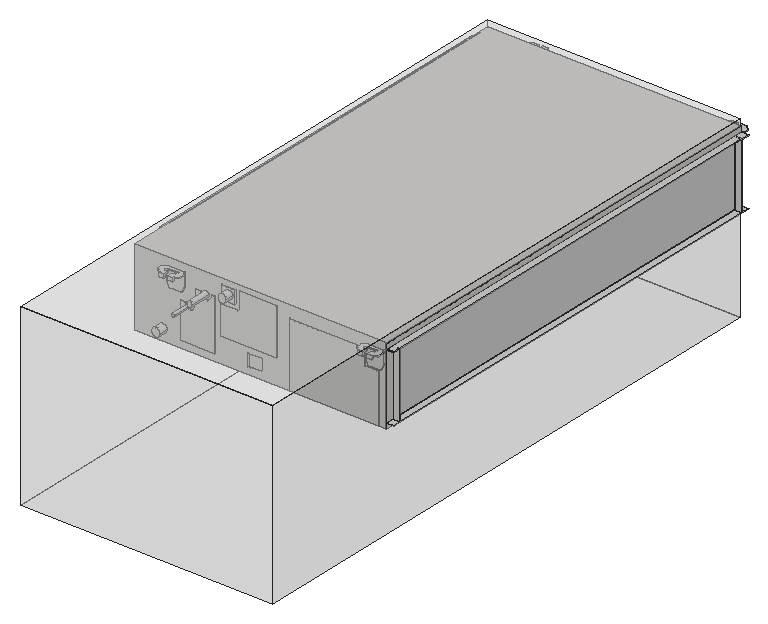
Revit family "outputfile", category 機械設備, Revit 2024
Family settings
  丸型コネクタ寸法 = 半径を使用
  パーツ タイプ = 標準
  OmniClass 番号 = 23.75.10.24.21.27.27
  OmniClass タイトル = Split System Air Conditioning Units
  作業面ベース = いいえ
  常に垂直 = はい
  ロード時にボイドで切り取り = いいえ
  注釈の向きを維持 = いいえ
  共有 = いいえ
  部屋計算ポイント = はい
Parameters (values of type "FXSA100AVM4")
  製造元 = "Daikin"
  書き出し IFC クラス(タイプ) = "IfcUnitaryEquipmentType"
  定義済み IFC タイプ(タイプ) = "AIRCONDITIONINGUNIT"
  モデル = "FXSA100AVM4"
  switch_frequency = yes
  r_Liquid Pipe Size = Liquid Pipe Size / 2  # 4.75 mm
  r_Gas Pipe Size = Gas Pipe Size / 2  # 7.95 mm
  r_Drain Pipe Size = Drain Pipe Size / 2  # 12.5 mm
  lw_power = 770.0 mm
  lh_SA = 138.0 mm
  lw_SA = if(Width = 550.0 mm, 225.0 mm, if(Width = 700.0 mm, 300.0 mm, if(Width = 1000.0 mm, 450.0 mm, if(Width = 1400.0 mm, 650.0 mm, 725.0 mm))))  # 650.0 mm
  lw_RA = if(Width = 550.0 mm, 275.0 mm, if(Width = 700.0 mm, 349.0 mm, if(Width = 1000.0 mm, 499.0 mm, if(Width = 1400.0 mm, 699.0 mm, 775.0 mm))))  # 699.0 mm
  lh_power = 60.0 mm + [h***]  # 60.0 mm
  lh_mountinghole1 = lh_mountinghole + [h***]  # 222.0 mm
  lh_RA = 123.0 mm
  ld_power = Width / 2  # 700.0 mm
  connector_voltage = Voltage_50Hz  # 220 V
  connector_powerinput = [Power Input (Cooling)]  # 0.151 kW
  connector_phase = Phase_50Hz  # 1
  Voltage_comment_60Hz = "220"
  Voltage_comment_50Hz = "220-240"
  Voltage_60Hz = 220 V
  Voltage_50Hz = 220 V
  Total Heating Capacity [instance] = 0.000 kW
  Supply Air Direction [instance] = yes
  Sound Power Level_H speed (dB) = 67
  Power Input (Heating) = 0.146 kW
  Phase_60Hz = 1
  Phase_50Hz = 1
  Nominal Heating Capacity = 12.500 kW
  Minimum External Static Pressure = 50.00 Pa
  Minimum Circuit Amps_60Hz = 2.5 A
  Minimum Circuit Amps_50Hz = 2.5 A
  Maximum Fuse Amps_60Hz = 16.0 A
  Maximum Fuse Amps_50Hz = 16.0 A
  Maximum External Static Pressure = 150.00 Pa
  Material_Casing = DAIKIN_GalvanizedSteel_Casing_indoorunit
  lw_mountinghole = 630.0 mm
  lh_gaspipe = 183.0 mm + [h***]  # 183.0 mm
  lh_mountinghole = 222.0 mm
  lh_liquidpipe = 136.0 mm + [h***]  # 136.0 mm
  lh_drainpipe = 207.0 mm + [h***]  # 207.0 mm
  lh_antena = Height - lh_mountinghole + 1.0 mm  # 24.0 mm
  ld_drainpipe = Width / 2 + 26.0 mm  # 726.0 mm
  ld_liquidpipe = 769.0 mm
  ld_gaspipe = Width / 2 + 65.0 mm  # 765.0 mm
  ld_mountinghole = Width + 38.0 mm  # 1438.0 mm
  h*** = 0.0 mm
  lw_liquidpipe = 179.0 mm
  lw_gaspipe = 229.0 mm
  lw_drainpipe = 300.0 mm
  Width = 1400.0 mm
  Version = "ver.1.0"
  Unit Type = "Duct_M.S.P."
  Unit Mass Weight = 46.00 kg
  Unit Designation [instance] = ""
  Uniclass2015Version = "Products v1.30"
  Uniclass2015Title = "Variable refrigerant flow units"
  Uniclass2015Code = "Pr_70_65_03_94"
  Total Cooling Capacity [instance] = 0.000 kW
  Sound Pressure Level_M speed (dBA) = 35
  Sound Pressure Level_L speed (dBA) = 32
  Sound Pressure Level_H speed (dBA) = 39
  Series = "VRV Fan Coil Unit"
  Sensible Cooling Capacity [instance] = 0.000 kW
  SA Duct Size Width = 1192.0 mm
  SA Duct Size Height = 176.0 mm
  Refrigerant Type = "R32"
  RA Duct Size Width = 1352.0 mm
  RA Duct Size Height = 208.0 mm
  Power Input (Cooling) = 0.151 kW
  Option Accessory 3 [instance] = ""
  Option Accessory 2 [instance] = ""
  Option Accessory 1 [instance] = ""
  Nominal Cooling Capacity = 11.200 kW
  Minimum Airflow = 1350.00 m³/h
  Median Airflow = 1620.00 m³/h
  Maximum Airflow = 1920.00 m³/h
  Load Classification = HVAC
  Liquid Pipe Size = 9.5 mm
  Link_Nested Family [instance] = ""
  IfcVersion = ""
  IfcExportType = "AIRCONDITIONINGUNIT"
  IfcExportAs = "IfcUnitaryEquipmentType"
  Height = 245.0 mm
  Heating Entering Wet Bulb Temperature [instance] = -273.15 °C
  Heating Entering Dry Bulb Temperature [instance] = -273.15 °C
  Heating Ambient Wet Bulb Temperature [instance] = -273.15 °C
  Heating Ambient Dry Bulb Temperature [instance] = -273.15 °C
  Heat Exchanger Type = "Cross Fin Coil"
  Gas Pipe Size = 15.9 mm
  Frequency_60Hz = 60 Hz
  Frequency_50Hz = 50 Hz
  Fan Type = "Sirocco Fan"
  Fan Drive = "Direct Drive"
  FCU Tag No. [instance] = ""
  Drain Pipe Size = 25.0 mm
  Design Supply Airflow [instance] = 0.00 m³/h
  Design Return Airflow [instance] = 0.00 m³/h
  Design External Static Pressure [instance] = 0.00 Pa
  Depth = 800.0 mm
  既定の高さ = 0.0 mm
  Cooling Entering Wet Bulb Temperature [instance] = 0.00 °C
  Cooling Entering Dry Bulb Temperature [instance] = 0.00 °C
  Cooling Ambient Wet Bulb Temperature [instance] = 0.00 °C
  Cooling Ambient Dry Bulb Temperature [instance] = 0.00 °C
  Clearance visibility [instance] = yes
  Clearance Top = 20.0 mm
  Clearance Right = 0.0 mm
  Clearance Rear = 0.0 mm
  Clearance Left = 0.0 mm
  Clearance Front = 450.0 mm
  Clearance Bottom = 300.0 mm
Reference planes
  plane 1 "Center (Front/Back)": y = 0
  plane 2 "h": z = 0
  plane 3 "Center (Left/Right)": x = 0
  plane 4 "Back": y = 700
  plane 5 "Front": y = -700
  plane 6 "Left": x = -400
  plane 7 "Right": x = 400
  plane 8 "Top": z = 0
  plane 9 "Bottom": z = -245
  plane 10: y = -215
  plane 11: y = 700
  plane 12: y = -1150
  plane 13: x = -400
  plane 14: x = 400
  plane 15: z = 20
  plane 16: z = -545
  plane 17: x = -400
  plane 18: x = -399
  plane 19: x = 399
  plane 20: y = 50
  plane 21: y = -1
  plane 22: z = -122
  plane 23: y = -701
  plane 24: z = -109
  plane 25: x = -221
  plane 26: y = -765
  plane 27: z = -62
  plane 28: x = -171
  plane 29: y = -726
  plane 30: z = -38
  plane 31: x = -100
  plane 32: x = -100
  plane 33: x = -221
  plane 34: x = -171
  plane 35: x = 370
  plane 36: x = -266
  plane 37: x = 364
  plane 38: y = -719
  plane 39: y = 719
  plane 40: z = -23
  plane 41: z = -107
  plane 42: y = -769
  plane 43: z = -207
  plane 44: x = -309
  plane 45: y = -376
  plane 46: x = -251
  plane 47: x = -203
  plane 48: x = -144
  plane 49: z = -59
  plane 50: z = -106
  plane 51: z = -221
  plane 52: z = -109
  plane 53: x = -221
  plane 54: z = -62
  plane 55: x = -171
  plane 56: z = -17
  plane 57: z = -59
  plane 58: x = -121
  plane 59: x = -79
  plane 60: x = -125
  plane 61: x = -64
  plane 62: x = 53
  plane 63: z = -164
  plane 64: z = -73
  plane 65: z = -16
  plane 66: x = 93.5
  plane 67: x = 374.5
  plane 68: x = 330
  plane 69: z = -88.5
  plane 70: z = -38
  plane 71: z = -242.5
  plane 72: x = -38.5
  plane 73: x = 6.5
  plane 74: z = -181
  plane 75: z = -221
  plane 76: y = -699
  plane 77: x = -424
  plane 78: x = 424
Forms (mm)
  Extrusion 1, solid, material "DAIKIN_GalvanizedSteel_Casing_indoorunit" <- "Material_Casing"
    sketch origin (0, 0, 0) x (1, 0, 0) y (0, 1, 0)
      loop
        line (-399, 700) -> (-399, -700) -> (399, -700) -> (399, 700) -> (-399, 700)
    from -245 to 0
  Extrusion 2, solid, material "DAIKIN_GalvanizedSteel_Casing_indoorunit" <- "Material_Casing"
    sketch origin (0, 0, 0) x (1, 0, 0) y (0, 0, 1)
      loop
        line (-251, -221) -> (-144, -221) -> (-144, -59) -> (-154.47, -59)
        arc (-154.47, -59) -> (-171, -78.8) -> (-187.53, -59) r 16.8
        line (-187.53, -59) -> (-203, -59) -> (-203, -106) -> (-206.916, -106)
        arc (-206.916, -106) -> (-221, -123.4) -> (-235.084, -106) r 14.4
        line (-235.084, -106) -> (-251, -106) -> (-251, -221)
    from 700 to 701
  Extrusion 3, solid, material "DAIKIN_GalvanizedSteel_Casing_indoorunit" <- "Material_Casing"
    sketch origin (0, 0, 0) x (1, 0, 0) y (0, 0, 1)
      loop
        line (-121, -17) -> (-121, -59) -> (-79, -59) -> (-79, -17) -> (-121, -17)
      loop
        line (-125, -73) -> (-125, -164) -> (53, -164) -> (53, -16) -> (-64, -16) -> (-64, -73) -> (-125, -73)
    from 700 to 701
  Extrusion 4, solid, material "DAIKIN_GalvanizedSteel_Casing_indoorunit" <- "Material_Casing"
    sketch origin (0, 0, 0) x (1, 0, 0) y (0, 0, 1)
      loop
        line (93.5, -38) -> (93.5, -242.5) -> (374.5, -242.5) -> (374.5, -88.5) -> (330, -88.5) -> (330, -38) -> (93.5, -38)
    from 700 to 701
  Extrusion 5, solid, material "DAIKIN_GalvanizedSteel_Casing_indoorunit" <- "Material_Casing"
    sketch origin (0, 0, 0) x (1, 0, 0) y (0, 0, 1)
      loop
        circle (-221, -109) r 4.75
    from 700 to 769
  Extrusion 6, solid, material "DAIKIN_GalvanizedSteel_Casing_indoorunit" <- "Material_Casing"
    sketch origin (0, 0, 0) x (1, 0, 0) y (0, 0, 1)
      loop
        circle (-171, -62) r 7.95
    from 700 to 765
  Extrusion 7, solid, material "DAIKIN_GalvanizedSteel_Casing_indoorunit" <- "Material_Casing"
    sketch origin (0, 0, 0) x (1, 0, 0) y (0, 0, 1)
      loop
        circle (-100, -38) r 12.5
    from 701 to 726
  Extrusion 8, solid, material "DAIKIN_GalvanizedSteel_Casing_indoorunit" <- "Material_Casing"
    sketch origin (0, 0, 0) x (1, 0, 0) y (0, 0, 1)
      loop
        circle (-309, -207) r 13
    from 700 to 726
  Extrusion 9, void
    sketch origin (0, 0, 0) x (1, 0, 0) y (0, 0, 1)
      loop
        line (-38.5, -181) -> (-38.5, -221) -> (6.5, -221) -> (6.5, -181) -> (-38.5, -181)
    from 699 to 700
Cuts and joins
  Extrusion 9 cuts Extrusion 1
Dimensions and locks
  "Height": plane 8 "Top" to plane 9 "Bottom"
  equal spacing: plane 4 "Back", plane 1 "Center (Front/Back)", plane 5 "Front"
  "Width": plane 4 "Back" to plane 5 "Front"
  equal spacing: plane 6 "Left", plane 3 "Center (Left/Right)", plane 7 "Right"
  "Depth": plane 6 "Left" to plane 7 "Right"
  "Clearance Left": plane 13 to plane 6 "Left"
  "Clearance Right": plane 7 "Right" to plane 14
  "Clearance Rear": plane 11 to plane 4 "Back"
  "Clearance Front": plane 5 "Front" to plane 12
  "Clearance Top": plane 15 to plane 8 "Top"
  "Clearance Bottom": plane 9 "Bottom" to plane 16
  locked: plane 17 to plane 18 at 1
  locked: plane 19 to plane 14 at 1
  "lw_SA": plane 11 to plane 20
  "lw_RA": plane 21 to plane 5 "Front"
  "lh_RA": plane 22 to plane 9 "Bottom"
  locked: plane 5 "Front" to plane 23 at 1
  "lw_liquidpipe": plane 25 to plane 6 "Left"
  "lh_liquidpipe": plane 24 to plane 9 "Bottom"
  "lh_gaspipe": plane 27 to plane 9 "Bottom"
  "lw_gaspipe": plane 28 to plane 6 "Left"
  "ld_gaspipe": plane 26 to plane 1 "Center (Front/Back)"
  "ld_drainpipe": plane 29 to plane 1 "Center (Front/Back)"
  "lh_drainpipe": plane 30 to plane 9 "Bottom"
  "lw_drainpipe": plane 31 to plane 6 "Left"
  "lw_drainpipe": plane 6 "Left" to plane 32
  "lw_liquidpipe": plane 6 "Left" to plane 33
  "lw_gaspipe": plane 6 "Left" to plane 34
  "lw_power": plane 6 "Left" to plane 35
  locked: plane 17 to plane 36 at 134
  "lw_mountinghole": plane 36 to plane 37
  equal spacing: plane 38, plane 1 "Center (Front/Back)", plane 39
  "ld_mountinghole": plane 39 to plane 38
  "lh_mountinghole": plane 40 to plane 9 "Bottom"
  "lh_SA": plane 41 to plane 9 "Bottom"
  locked: plane 44 to plane 6 "Left" at 91
  locked: plane 43 to plane 9 "Bottom" at 38
  plane 48 to plane 47 to plane 46 to plane 6 "Left" = 59.0 mm, 48.0 mm, 149.0 mm
  plane 8 "Top" to plane 49 to plane 50 to plane 51 = 59.0 mm locked, 47.0 mm locked, 115.0 mm locked
  plane 55 to plane 53 to plane 6 "Left" = 50.0 mm locked, 179.0 mm locked
  plane 54 to plane 52 to plane 9 "Bottom" = 47.0 mm locked, 136.0 mm locked
  plane 59 to plane 58 to plane 6 "Left" = 42.0 mm locked, 279.0 mm locked
  plane 8 "Top" to plane 56 to plane 57 = 17.0 mm locked, 42.0 mm locked
  plane 62 to plane 61 to plane 60 to plane 6 "Left" = 117.0 mm, 61.0 mm, 275.0 mm
  plane 8 "Top" to plane 65 to plane 64 = 16.0 mm locked, 57.0 mm locked
  locked: plane 65 to plane 63 at 148
  plane 8 "Top" to plane 70 to plane 69 to plane 71 = 38.0 mm locked, 50.5 mm locked, 154.0 mm locked
  plane 67 to plane 68 to plane 66 to plane 6 "Left" = 44.5 mm locked, 236.5 mm locked, 493.5 mm locked
  plane 8 "Top" to plane 74 to plane 75 = 181.0 mm locked, 40.0 mm locked
  plane 73 to plane 72 to plane 6 "Left" = 45.0 mm, 361.5 mm
  locked: plane 76 to plane 5 "Front" at 1
  locked: plane 77 to plane 17 at 24
  locked: plane 14 to plane 78 at 24
  "ld_liquidpipe": plane 42 to plane 1 "Center (Front/Back)"
  "r_Liquid Pipe Size": radius of Extrusion 5 sketch curve
  "r_Gas Pipe Size": radius of Extrusion 6 sketch curve
  "r_Drain Pipe Size": radius of Extrusion 7 sketch curve
  aligned and locked: level to plane 2 "h"
  aligned and locked: plane 8 "Top" to Extrusion 1
  aligned and locked: Extrusion 1 to plane 9 "Bottom"
  aligned and locked: nested 5 to plane 12
  aligned and locked: plane 13 to nested 5
  aligned and locked: plane 14 to nested 5
  aligned and locked: nested 5 to plane 13
  aligned and locked: plane 11 to nested 5
  aligned and locked: plane 15 to nested 5
  aligned and locked: plane 16 to nested 5
  aligned and locked: plane 5 "Front" to Extrusion 1 sketch curve
  aligned and locked: Extrusion 1 to plane 18
  aligned and locked: plane 19 to Extrusion 1
  aligned and locked: nested 7 to plane 18
  aligned and locked: nested 7 to plane 20
  aligned and locked: plane 19 to nested 8
  aligned and locked: plane 21 to nested 8
  aligned and locked: plane 22 to nested 8
  aligned and locked: Extrusion 2 to plane 23
  aligned and locked: plane 5 "Front" to Extrusion 2
  aligned and locked: Extrusion 3 to plane 23
  aligned and locked: plane 5 "Front" to Extrusion 3
  aligned and locked: plane 5 "Front" to Extrusion 4
  aligned and locked: Extrusion 5 sketch curve to plane 25
  aligned and locked: plane 24 to Extrusion 5 sketch curve
  aligned and locked: plane 5 "Front" to Extrusion 5
  aligned and locked: Extrusion 6 sketch curve to plane 28
  aligned and locked: plane 27 to Extrusion 6 sketch curve
  aligned and locked: plane 5 "Front" to Extrusion 6
  aligned and locked: Extrusion 7 sketch curve to plane 31
  aligned and locked: Extrusion 7 sketch curve to plane 30
  aligned and locked: Extrusion 7 to plane 29
  aligned and locked: plane 23 to Extrusion 7
  aligned and locked: nested 3 to plane 29
  aligned and locked: nested 3 to plane 32
  aligned and locked: nested 2 to plane 33
  aligned and locked: nested 1 to plane 34
  aligned and locked: Extrusion 6 to plane 26
  aligned and locked: nested 1 to plane 26
  aligned and locked: nested 6 to plane 5 "Front"
  aligned and locked: nested 6 to plane 35
  aligned and locked: plane 36 to nested 10
  aligned and locked: nested 10 to plane 5 "Front"
  aligned and locked: plane 37 to nested 9
  aligned and locked: nested 9 to plane 5 "Front"
  aligned and locked: nested 11 to plane 36
  aligned and locked: plane 4 "Back" to nested 11
  aligned and locked: nested 12 to plane 37
  aligned and locked: plane 4 "Back" to nested 12
  aligned and locked: plane 40 to nested 10
  aligned and locked: plane 40 to nested 11
  aligned and locked: plane 40 to nested 9
  aligned and locked: plane 40 to nested 12
  aligned and locked: plane 36 to nested 14
  aligned and locked: nested 14 to plane 39
  aligned and locked: plane 37 to nested 13
  aligned and locked: nested 13 to plane 39
  aligned and locked: plane 37 to nested 16
  aligned and locked: plane 38 to nested 16
  aligned and locked: plane 38 to nested 15
  aligned and locked: plane 36 to nested 15
  aligned and locked: plane 17 to plane 6 "Left"
  aligned and locked: plane 41 to nested 7
  aligned and locked: Extrusion 5 to plane 42
  aligned and locked: nested 2 to plane 42
  aligned and locked: Extrusion 8 sketch curve to plane 44
  aligned and locked: plane 43 to Extrusion 8 sketch curve
  aligned and locked: plane 5 "Front" to Extrusion 8
  aligned and locked: Extrusion 3 sketch curve to plane 56
  aligned and locked: Extrusion 3 sketch curve to plane 58
  aligned and locked: plane 57 to Extrusion 3 sketch curve
  aligned and locked: plane 59 to Extrusion 3 sketch curve
  aligned and locked: Extrusion 4 to plane 23
  aligned and locked: Extrusion 9 sketch curve to plane 74
  aligned and locked: plane 75 to Extrusion 9 sketch curve
  aligned and locked: plane 73 to Extrusion 9 sketch curve
  aligned and locked: plane 5 "Front" to Extrusion 9
  aligned and locked: plane 76 to Extrusion 9
  aligned and locked: nested 17 to plane 20
  aligned and locked: nested 17 to plane 77
  aligned and locked: plane 21 to nested 18
  aligned and locked: plane 78 to nested 18
  aligned and locked: plane 41 to nested 17
  aligned and locked: nested 18 to plane 22
  aligned and locked: nested 4 to plane 3 "Center (Left/Right)"
  aligned and locked: plane 1 "Center (Front/Back)" to nested 4
  aligned and locked: level to plane 8 "Top"
  aligned and locked: Extrusion 8 to plane 29
Automatic sketch dimensions
  plane 6 "Left" to Extrusion 1 sketch curve = 1.0 mm
  Extrusion 1 sketch curve to plane 7 "Right" = 1.0 mm
  Extrusion 1 sketch curve to plane 4 "Back" = 0.0 mm
  Extrusion 2 sketch curve to plane 46 = 0.0 mm
  Extrusion 2 sketch curve to plane 33 = 0.0 mm
  Extrusion 2 sketch curve to plane 47 = 0.0 mm
  Extrusion 2 sketch curve to plane 34 = 0.0 mm
  Extrusion 2 sketch curve to plane 48 = 0.0 mm
  Extrusion 2 sketch curve to plane 51 = 0.0 mm
  Extrusion 2 sketch curve to plane 52 = 0.0 mm
  Extrusion 2 sketch curve to plane 50 = 0.0 mm  (x3)
  Extrusion 2 sketch curve to plane 54 = 0.0 mm
  Extrusion 2 sketch curve to plane 49 = 0.0 mm  (x3)
  plane 33 to Extrusion 2 sketch curve = 14.084 mm
  plane 34 to Extrusion 2 sketch curve = 16.53 mm
  Extrusion 3 sketch curve to plane 60 = 0.0 mm
  Extrusion 3 sketch curve to plane 61 = 0.0 mm
  Extrusion 3 sketch curve to plane 62 = 0.0 mm
  Extrusion 3 sketch curve to plane 63 = 0.0 mm
  Extrusion 3 sketch curve to plane 64 = 0.0 mm
  Extrusion 3 sketch curve to plane 65 = 0.0 mm
  Extrusion 4 sketch curve to plane 66 = 0.0 mm
  Extrusion 4 sketch curve to plane 68 = 0.0 mm
  Extrusion 4 sketch curve to plane 67 = 0.0 mm
  Extrusion 4 sketch curve to plane 71 = 0.0 mm
  Extrusion 4 sketch curve to plane 69 = 0.0 mm
  Extrusion 4 sketch curve to plane 70 = 0.0 mm
  Extrusion 9 sketch curve to plane 72 = 0.0 mm
  radius of Extrusion 8 sketch curve = 13.0 mm
Nested families
  nested 1: "daikin_connector_rotate2" at (-171, 0, -62), length <- "ld_gaspipe", built-in parameter 1001364 <- "lh_gaspipe", radius <- "r_Gas Pipe Size", type "daikin_connector_rotate2"
    with radius 7.95 mm, length 765.0 mm, angle_vertical 90.00°
  nested 2: "daikin_connector_rotate2" at (-221, 0, -109), length <- "ld_liquidpipe", built-in parameter 1001364 <- "lh_liquidpipe", radius <- "r_Liquid Pipe Size", type "daikin_connector_rotate2"
    with radius 4.75 mm, length 769.0 mm, angle_vertical 90.00°
  nested 3: "daikin_connector_rotate2" at (-100, 0, -38), length <- "ld_drainpipe", built-in parameter 1001364 <- "lh_drainpipe", radius <- "r_Drain Pipe Size", type "daikin_connector_rotate2"
    with radius 12.5 mm, length 726.0 mm, angle_vertical 90.00°
  nested 4: "daikin_△_symbolicline" at (0, 0, 245) x (0, -1, 0) z (0, 0, 1), built-in parameter 1001364 <- "Height", visible <- "Supply Air Direction", type "daikin_△_symbolicline"
    with length 200.0 mm
  nested 5: "daikin_clearancespace" at (0, -225, -262.381), visible <- "Clearance visibility", show <- "Clearance visibility", Link_Nested Family <- "Link_Nested Family", type "daikin_clearancespace"
    with width 800.0 mm, show yes, height 565.0 mm, depth 1850.0 mm, Link_Nested Family ""
  nested 6: "daikin_connector_rotate2" at (370, 0, -185), built-in parameter 1001364 <- "lh_power", length <- "ld_power", type "daikin_connector_rotate2"
    with radius 10.0 mm, length 700.0 mm, angle_vertical 90.00°
  nested 7: "daikin_ductflange_FXFSA-AVM4_2" at (-399, 50, -107) x (0, -1, 0) z (0, 0, 1), type "daikin_ductflange_FXFSA-AV4_2"
    with width 1192.0 mm, w 1400.0 mm
  nested 8: "daikin_ductflange_FXFSA-AVM4" at (399, -1, -122) x (0, 1, 0) z (0, 0, 1), type "daikin_ductflange_FXFSA-AVM4"
    with width 1352.0 mm, lw 25.0 mm, w 1400.0 mm
  nested 9: "FXFSA-AVM4" at (364, -700, -23), type "daikin_hangerfixture_FXSA-AVM4"
  nested 10: "FXFSA-AVM4" at (-266, -700, -23), type "daikin_hangerfixture_FXSA-AVM4"
  nested 11: "FXFSA-AVM4" at (-266, 700, -23) x (-1, 0, 0) z (0, 0, 1), type "daikin_hangerfixture_FXSA-AVM4"
  nested 12: "FXFSA-AVM4" at (364, 700, -23) x (-1, 0, 0) z (0, 0, 1), type "daikin_hangerfixture_FXSA-AVM4"
  nested 13: "daikin_mountinghole" at (364, 719, -245), h_mountinghole <- "lh_mountinghole1", l_antenna <- "lh_antena", Link_Nested Family <- "Link_Nested Family", type "daikin_mountinghole"
    with show yes, l_antenna 24.0 mm, h_mountinghole 222.0 mm, Link_Nested Family ""
  nested 14: "daikin_mountinghole" at (-266, 719, -245), h_mountinghole <- "lh_mountinghole1", l_antenna <- "lh_antena", Link_Nested Family <- "Link_Nested Family", type "daikin_mountinghole"
    with show yes, l_antenna 24.0 mm, h_mountinghole 222.0 mm, Link_Nested Family ""
  nested 15: "daikin_mountinghole" at (-266, -719, -245), h_mountinghole <- "lh_mountinghole1", l_antenna <- "lh_antena", Link_Nested Family <- "Link_Nested Family", type "daikin_mountinghole"
    with show yes, l_antenna 24.0 mm, h_mountinghole 222.0 mm, Link_Nested Family ""
  nested 16: "daikin_mountinghole" at (364, -719, -245), h_mountinghole <- "lh_mountinghole1", l_antenna <- "lh_antena", Link_Nested Family <- "Link_Nested Family", type "daikin_mountinghole"
    with show yes, l_antenna 24.0 mm, h_mountinghole 222.0 mm, Link_Nested Family ""
  nested 17: "daikin_connector_rotate2" at (-400, 50, -107) x (0, -1, 0) z (0, 0, 1), type "daikin_connector_rotate2"
    with radius 10.0 mm, length 24.0 mm, angle_vertical 90.00°
  nested 18: "daikin_connector_rotate2" at (400, -1, -122) x (0, 1, 0) z (0, 0, 1), type "daikin_connector_rotate2"
    with radius 10.0 mm, length 24.0 mm, angle_vertical 90.00°
Connectors
  piping at (-100, -726, -38), diameter 25, driven by "r_Drain Pipe Size"
    settings: on nested 3, index 3, connector inside diameter 609.6 mm, connector length 0.0 mm, flow factor 0, pipe flow 0.00 m³/h, pressure drop 0.0 Pa, fitting loss kfactor 0, connector angle 0.00°, fixture units 0, engagement length 0.0 mm, angle of deflection 0.00°, flow configuration 1, flow direction 2, fitting loss method 4, system type 16, joint type 0, gender type 0, connector reference index -1, connector utility 0, adjustable connector no, is connector primary yes, connector description "Condensate Drain Piping"
  piping at (-171, -765, -62), diameter 15.9, driven by "r_Gas Pipe Size"
    settings: on nested 1, index 4, connector inside diameter 609.6 mm, connector length 0.0 mm, flow factor 0, pipe flow 0.00 m³/h, pressure drop 0.0 Pa, fitting loss kfactor 0, connector angle 0.00°, fixture units 0, engagement length 0.0 mm, angle of deflection 0.00°, flow configuration 1, flow direction 2, fitting loss method 0, system type 29, joint type 0, gender type 0, connector reference index -1, connector utility 0, adjustable connector no, is connector primary no, connector description "Refrigerant Gas Piping"
  piping at (-221, -769, -109), diameter 9.5, driven by "r_Liquid Pipe Size"
    settings: on nested 2, index 5, connector inside diameter 609.6 mm, connector length 0.0 mm, flow factor 0, pipe flow 0.00 m³/h, pressure drop 0.0 Pa, fitting loss kfactor 0, connector angle 0.00°, fixture units 0, engagement length 0.0 mm, angle of deflection 0.00°, flow configuration 1, flow direction 1, fitting loss method 0, system type 29, joint type 0, gender type 0, connector reference index -1, connector utility 0, adjustable connector no, is connector primary no, connector description "Refrigerant Liquid Piping"
  electrical at (370, -700, -185), driven by "Load Classification", driven by "connector_voltage", driven by "connector_phase", driven by "connector_powerinput"
    settings: on nested 6, index 6, voltage 220 V, apparent load 151 VA, apparent load phase1 0 VA, apparent load phase2 0 VA, apparent load phase3 0 VA, power factor 1, load classification "HVAC", number of poles 1, system type 30, power factor state 1, is connector primary yes, connector utility no, sub classification motor no, connector description "Power Supply"
  hvac at (-424, 50, -107), driven by "SA Duct Size Height", driven by "SA Duct Size Width"
    settings: on nested 17, index 7, duct flow 0.00 m³/h, flow factor 0, pres drop 0.00 Pa, loss coef 0, conn angle 0.00°, conn width 1192.0 mm, conn height 176.0 mm, conn diameter 609.6 mm, duct sys type 1, conn prof type 1, flow config 0, flow direction 2, loss method 4, conn ref index -1, conn util no, is conn primary yes, conn desc "SA Duct"
  hvac at (424, -1, -122), driven by "RA Duct Size Height", driven by "RA Duct Size Width"
    settings: on nested 18, index 8, duct flow 0.00 m³/h, flow factor 0, pres drop 0.00 Pa, loss coef 0, conn angle 0.00°, conn width 1352.0 mm, conn height 208.0 mm, conn diameter 609.6 mm, duct sys type 2, conn prof type 1, flow config 0, flow direction 1, loss method 4, conn ref index -1, conn util no, is conn primary no, conn desc "RA Duct"
Definition of nested family "daikin_clearancespace"
  Parameters (values of type "daikin_clearancespace")
    Description = "daikin_clearancespace"
    width [instance] = 1823.963 mm
    show [instance] = yes
    material = none
    height [instance] = 1359.762 mm
    depth [instance] = 880.0 mm
    Default Elevation = 0.0 mm
    Link_Nested Family [instance] = ""
  Reference planes
    plane 1 "Center (Front/Back)": y = 0
    plane 2 "Center (Elevation)": z = -0.119
    plane 3 "Center (Left/Right)": x = 0
    plane 4: y = 440
    plane 5: y = -440
    plane 6 "Right": x = 911.982
    plane 7 "Left": x = -911.982
    plane 8 "Top": z = 679.762
    plane 9 "Bottom": z = -680
  Forms (mm)
    Extrusion 1, solid, material <- "material", visible <- "show"
      sketch origin (0, 0, 0) x (1, 0, 0) y (0, 1, 0)
        loop
          line (-911.982, 440) -> (-911.982, -440) -> (911.982, -440) -> (911.982, 440) -> (-911.982, 440)
      from -680 to 679.762
  Lines and regions (mm)
    symbolic lines, visible <- "show"
      curve 1: line (911.982, 440, 0) -> (-911.982, 440, 0)
      curve 2: line (-911.982, 440, 0) -> (-911.982, -440, 0)
      curve 3: line (-911.982, -440, 0) -> (911.982, -440, 0)
      curve 4: line (911.982, -440, 0) -> (911.982, 440, 0)
      curve 5: line (911.982, 0, 679.762) -> (-911.982, 0, 679.762)
      curve 6: line (911.982, 0, -680) -> (911.982, 0, 679.762)
      curve 7: line (-911.982, 0, -680) -> (911.982, 0, -680)
      curve 8: line (-911.982, 0, 679.762) -> (-911.982, 0, -680)
      curve 9: line (0, 440, 679.762) -> (0, -440, 679.762)
      curve 10: line (0, -440, 679.762) -> (0, -440, -680)
      curve 11: line (0, 440, -680) -> (0, 440, 679.762)
      curve 12: line (0, -440, -680) -> (0, 440, -680)
  Dimensions and locks
    "width": plane 7 "Left" to plane 6 "Right"
    "depth": plane 4 to plane 5
    "height": plane 8 "Top" to plane 9 "Bottom"
    equal spacing: plane 7 "Left", plane 3 "Center (Left/Right)", plane 6 "Right"
    equal spacing: plane 4, plane 1 "Center (Front/Back)", plane 5
    equal spacing: plane 8 "Top", plane 2 "Center (Elevation)", plane 9 "Bottom"
    aligned and locked: level to plane 2 "Center (Elevation)"
    aligned and locked: Extrusion 1 sketch curve to plane 4
    aligned and locked: plane 7 "Left" to Extrusion 1 sketch curve
    aligned and locked: Extrusion 1 sketch curve to plane 5
    aligned and locked: Extrusion 1 sketch curve to plane 6 "Right"
    aligned and locked: plane 8 "Top" to Extrusion 1
    aligned and locked: curve 1 to Extrusion 1
    aligned and locked: curve 2 to Extrusion 1
    aligned and locked: curve 3 to Extrusion 1
    aligned and locked: curve 4 to Extrusion 1
    aligned and locked: curve 5 to Extrusion 1
    aligned and locked: curve 6 to Extrusion 1
    aligned and locked: curve 7 to Extrusion 1
    aligned and locked: curve 8 to Extrusion 1
    aligned and locked: curve 9 to Extrusion 1
    aligned and locked: curve 10 to Extrusion 1
    aligned and locked: curve 11 to Extrusion 1
    aligned and locked: curve 12 to Extrusion 1
    aligned and locked: Extrusion 1 to plane 9 "Bottom"
Definition of nested family "daikin_ductflange_FXFSA-AVM4_2"
  Parameters (values of type "daikin_ductflange_FBA-BVMA2")
    width = if(w = 550.0 mm, 337.0 mm, if(w = 700.0 mm, 492.0 mm, if(w = 1000.0 mm, 792.0 mm, if(w = 1400.0 mm, 1192.0 mm, 1337.0 mm))))  # 492.0 mm
    w1 = if(w = 550.0 mm, 24.0 mm, if(w = 700.0 mm, 21.5 mm, if(w = 1000.0 mm, 21.5 mm, if(w = 1400.0 mm, 21.5 mm, 24.0 mm))))  # 21.5 mm
    material = none
    height = 215.0 mm
    depth = 1.0 mm
    w = 700.0 mm
    Default Elevation = 0.0 mm
  Reference planes
    plane 1 "Center (Front/Back)": y = 0
    plane 2: z = 0
    plane 3 "Center (Left/Right)": x = 0
    plane 4: z = 88
    plane 5: z = -88
    plane 6: y = -25
    plane 7: z = 106
    plane 8: z = 89
    plane 9: y = -1
    plane 10: x = -267.5
    plane 11: x = 267.5
    plane 12: z = -106
    plane 13: z = -89
    plane 14: y = -1
    plane 15: x = 246
    plane 16: x = -246
    plane 17: x = 247
    plane 18: z = 87
    plane 19: z = -87
    plane 20: x = -247
    plane 21: z = 87
    plane 22: z = -87
    plane 23: y = -1
  Forms (mm)
    Extrusion 1, solid, material <- "material"
      sketch origin (0, 0, 0) x (0, 1, 0) y (0, 0, 1)
        loop
          line (-25, 88) -> (0, 88) -> (0, 106) -> (-1, 106) -> (-1, 89) -> (-25, 89) -> (-25, 88)
      from -267.5 to 267.5
    Extrusion 2, solid, material <- "material"
      sketch origin (0, 0, 0) x (0, 1, 0) y (0, 0, 1)
        loop
          line (-25, -88) -> (-25, -89) -> (-1, -89) -> (-1, -106) -> (0, -106) -> (0, -88) -> (-25, -88)
      from -267.5 to 267.5
    Extrusion 3, solid, material <- "material"
      sketch origin (0, 0, 0) x (1, 0, 0) y (0, 0, 1)
        loop
          line (246, 88) -> (246, -88) -> (267.5, -88) -> (267.5, -87) -> (247, -87) -> (247, 87) -> (267.5, 87) -> (267.5, 88) -> (246, 88)
      from 0 to 25
    Extrusion 4, solid, material <- "material"
      sketch origin (0, 0, 0) x (1, 0, 0) y (0, 0, 1)
        loop
          line (-267.5, 88) -> (-267.5, 87) -> (-247, 87) -> (-247, -87) -> (-267.5, -87) -> (-267.5, -88) -> (-246, -88) -> (-246, 88) -> (-267.5, 88)
      from 0 to 25
    Extrusion 5, solid, material <- "material"
      sketch origin (0, 0, 0) x (1, 0, 0) y (0, 0, 1)
        loop
          line (-267.5, 88) -> (-267.5, -88) -> (-246, -88) -> (-246, 88) -> (-267.5, 88)
        loop
          line (267.5, 88) -> (246, 88) -> (246, -88) -> (267.5, -88) -> (267.5, 88)
      from 0 to 1
  Cuts and joins
    joined: Extrusion 1, Extrusion 2, Extrusion 3, Extrusion 4, Extrusion 5
  Dimensions and locks
    plane 4 to level to plane 5 = 88.0 mm, 88.0 mm
    locked: plane 6 to plane 1 "Center (Front/Back)" at 25
    locked: plane 9 to plane 1 "Center (Front/Back)" at 1
    locked: plane 8 to plane 4 at 1
    "w1": plane 16 to plane 10
    locked: plane 17 to plane 15 at 1
    locked: plane 4 to plane 18 at 1
    locked: plane 19 to plane 5 at 1
    "width": plane 15 to plane 16
    plane 4 to plane 5 = 176.0 mm
    locked: plane 16 to plane 20 at 1
    locked: plane 4 to plane 21 at 1
    locked: plane 22 to plane 5 at 1
    locked: plane 23 to plane 1 "Center (Front/Back)" at 1
    plane 4 to level to plane 5 = 88.0 mm locked, 88.0 mm locked
    locked: plane 5 to plane 13 at 1
    locked: plane 5 to plane 12 at 18
    locked: plane 7 to plane 4 at 18
    equal spacing: plane 15, plane 3 "Center (Left/Right)", plane 16
    "w1": plane 11 to plane 15
    plane 11 to plane 10 = 535.0 mm
    aligned and locked: level to plane 2
    aligned and locked: Extrusion 1 to plane 10
    aligned and locked: plane 11 to Extrusion 1
    aligned and locked: plane 5 to Extrusion 2
    aligned and locked: Extrusion 2 to plane 1 "Center (Front/Back)"
    aligned and locked: plane 15 to Extrusion 3 sketch curve
    aligned and locked: Extrusion 3 sketch curve to Extrusion 2  (x2)
    aligned and locked: Extrusion 3 sketch curve to plane 11
    aligned and locked: plane 6 to Extrusion 3
    aligned and locked: Extrusion 2 to plane 10
    aligned and locked: plane 11 to Extrusion 2
    aligned and locked: Extrusion 4 sketch curve to Extrusion 1  (x2)
    aligned and locked: plane 5 to Extrusion 4 sketch curve
    aligned and locked: Extrusion 4 sketch curve to plane 16
    aligned and locked: Extrusion 4 sketch curve to plane 22
    aligned and locked: plane 20 to Extrusion 4 sketch curve
    aligned and locked: plane 21 to Extrusion 4 sketch curve
    aligned and locked: Extrusion 4 to plane 1 "Center (Front/Back)"
    aligned and locked: plane 6 to Extrusion 4
    aligned and locked: Extrusion 5 sketch curve to Extrusion 1  (x4)
    aligned and locked: Extrusion 5 sketch curve to Extrusion 4  (x2)
    aligned and locked: Extrusion 5 sketch curve to Extrusion 3  (x2)
    aligned and locked: Extrusion 5 to plane 1 "Center (Front/Back)"
    aligned and locked: plane 23 to Extrusion 5
  Automatic sketch dimensions
    Extrusion 1 sketch curve to plane 6 = 0.0 mm
    Extrusion 1 sketch curve to plane 7 = 0.0 mm
    Extrusion 1 sketch curve to plane 9 = 0.0 mm
    Extrusion 1 sketch curve to plane 1 "Center (Front/Back)" = 0.0 mm
    Extrusion 1 sketch curve to plane 4 = 0.0 mm
    Extrusion 1 sketch curve to plane 8 = 0.0 mm
    Extrusion 2 sketch curve to plane 6 = 0.0 mm
    plane 12 to Extrusion 2 sketch curve = 0.0 mm
    Extrusion 2 sketch curve to plane 14 = 0.0 mm
    Extrusion 2 sketch curve to plane 1 "Center (Front/Back)" = 0.0 mm
    plane 13 to Extrusion 2 sketch curve = 0.0 mm
    Extrusion 2 sketch curve to plane 5 = 0.0 mm
    Extrusion 3 sketch curve to plane 17 = 0.0 mm
    Extrusion 3 sketch curve to plane 19 = 0.0 mm
    Extrusion 3 sketch curve to plane 18 = 0.0 mm
    Extrusion 3 sketch curve to plane 4 = 0.0 mm
    Extrusion 4 sketch curve to plane 10 = 0.0 mm
Definition of nested family "daikin_ductflange_FXFSA-AVM4"
  Parameters (values of type "daikin_ductflange_FBFC-DVMG")
    width = if(w = 550.0 mm, 502.0 mm, if(w = 700.0 mm, 654.0 mm, if(w = 1000.0 mm, 952.0 mm, if(w = 1400.0 mm, 1352.0 mm, 1502.0 mm))))  # 654.0 mm
    material = none
    lw = if(width = 654.0 mm, 23.0 mm, 25.0 mm)  # 23.0 mm
    height = 208.0 mm
    depth = 1.0 mm
    w = 700.0 mm
    Default Elevation = 0.0 mm
  Reference planes
    plane 1 "Center (Front/Back)": y = 0
    plane 2: z = 0
    plane 3 "Center (Left/Right)": x = 0
    plane 4: z = 104
    plane 5: z = -104
    plane 6: y = -25
    plane 7: z = 121
    plane 8: z = 105
    plane 9: y = -1
    plane 10: x = -350
    plane 11: x = 350
    plane 12: z = -122
    plane 13: z = -105
    plane 14: y = -1
    plane 15: x = 327
    plane 16: x = -327
    plane 17: x = 328
    plane 18: z = 103
    plane 19: z = -103
    plane 20: x = -328
    plane 21: z = 103
    plane 22: z = -103
    plane 23: y = -1
  Forms (mm)
    Extrusion 1, solid, material <- "material"
      sketch origin (0, 0, 0) x (0, 1, 0) y (0, 0, 1)
        loop
          line (-25, 104) -> (0, 104) -> (0, 121) -> (-1, 121) -> (-1, 105) -> (-25, 105) -> (-25, 104)
      from -350 to 350
    Extrusion 2, solid, material <- "material"
      sketch origin (0, 0, 0) x (0, 1, 0) y (0, 0, 1)
        loop
          line (-25, -104) -> (-25, -105) -> (-1, -105) -> (-1, -122) -> (0, -122) -> (0, -104) -> (-25, -104)
      from -350 to 350
    Extrusion 3, solid, material <- "material"
      sketch origin (0, 0, 0) x (1, 0, 0) y (0, 0, 1)
        loop
          line (327, 104) -> (327, -104) -> (350, -104) -> (350, -103) -> (328, -103) -> (328, 103) -> (350, 103) -> (350, 104) -> (327, 104)
      from 0 to 25
    Extrusion 4, solid, material <- "material"
      sketch origin (0, 0, 0) x (1, 0, 0) y (0, 0, 1)
        loop
          line (-350, 104) -> (-350, 103) -> (-328, 103) -> (-328, -103) -> (-350, -103) -> (-350, -104) -> (-327, -104) -> (-327, 104) -> (-350, 104)
      from 0 to 25
    Extrusion 5, solid, material <- "material"
      sketch origin (0, 0, 0) x (1, 0, 0) y (0, 0, 1)
        loop
          line (-350, 104) -> (-350, -104) -> (-327, -104) -> (-327, 104) -> (-350, 104)
        loop
          line (350, 104) -> (327, 104) -> (327, -104) -> (350, -104) -> (350, 104)
      from 0 to 1
  Cuts and joins
    joined: Extrusion 1, Extrusion 2, Extrusion 3, Extrusion 4, Extrusion 5
  Dimensions and locks
    plane 4 to level to plane 5 = 104.0 mm, 104.0 mm
    locked: plane 6 to plane 1 "Center (Front/Back)" at 25
    locked: plane 9 to plane 1 "Center (Front/Back)" at 1
    locked: plane 8 to plane 4 at 1
    "lw": plane 11 to plane 15
    "lw": plane 16 to plane 10
    locked: plane 17 to plane 15 at 1
    locked: plane 4 to plane 18 at 1
    locked: plane 19 to plane 5 at 1
    "width": plane 15 to plane 16
    equal spacing: plane 15, plane 3 "Center (Left/Right)", plane 16
    locked: plane 16 to plane 20 at 1
    locked: plane 4 to plane 21 at 1
    locked: plane 22 to plane 5 at 1
    locked: plane 23 to plane 1 "Center (Front/Back)" at 1
    locked: plane 7 to plane 4 at 17
    locked: plane 1 "Center (Front/Back)" to plane 14 at 1
    locked: plane 5 to plane 13 at 1
    "height": plane 4 to plane 5
    plane 11 to plane 10 = 700.0 mm
    locked: plane 12 to plane 13 at 17
    equal spacing: plane 4, level, plane 5
    aligned and locked: level to plane 2
    aligned and locked: Extrusion 1 to plane 10
    aligned and locked: plane 11 to Extrusion 1
    aligned and locked: plane 5 to Extrusion 2
    aligned and locked: Extrusion 2 to plane 1 "Center (Front/Back)"
    aligned and locked: plane 15 to Extrusion 3 sketch curve
    aligned and locked: Extrusion 3 sketch curve to Extrusion 2  (x2)
    aligned and locked: Extrusion 3 sketch curve to plane 11
    aligned and locked: plane 6 to Extrusion 3
    aligned and locked: Extrusion 2 to plane 10
    aligned and locked: plane 11 to Extrusion 2
    aligned and locked: Extrusion 4 sketch curve to Extrusion 1  (x2)
    aligned and locked: plane 5 to Extrusion 4 sketch curve
    aligned and locked: Extrusion 4 sketch curve to plane 16
    aligned and locked: Extrusion 4 sketch curve to plane 22
    aligned and locked: plane 20 to Extrusion 4 sketch curve
    aligned and locked: plane 21 to Extrusion 4 sketch curve
    aligned and locked: Extrusion 4 to plane 1 "Center (Front/Back)"
    aligned and locked: plane 6 to Extrusion 4
    aligned and locked: Extrusion 5 sketch curve to Extrusion 1  (x4)
    aligned and locked: Extrusion 5 sketch curve to Extrusion 4  (x2)
    aligned and locked: Extrusion 5 sketch curve to Extrusion 3  (x2)
    aligned and locked: Extrusion 5 to plane 1 "Center (Front/Back)"
    aligned and locked: plane 23 to Extrusion 5
  Automatic sketch dimensions
    Extrusion 1 sketch curve to plane 6 = 0.0 mm
    Extrusion 1 sketch curve to plane 7 = 0.0 mm
    Extrusion 1 sketch curve to plane 9 = 0.0 mm
    Extrusion 1 sketch curve to plane 1 "Center (Front/Back)" = 0.0 mm
    Extrusion 1 sketch curve to plane 4 = 0.0 mm
    Extrusion 1 sketch curve to plane 8 = 0.0 mm
    Extrusion 2 sketch curve to plane 6 = 0.0 mm
    plane 12 to Extrusion 2 sketch curve = 0.0 mm
    Extrusion 2 sketch curve to plane 14 = 0.0 mm
    Extrusion 2 sketch curve to plane 1 "Center (Front/Back)" = 0.0 mm
    plane 13 to Extrusion 2 sketch curve = 0.0 mm
    Extrusion 2 sketch curve to plane 5 = 0.0 mm
    Extrusion 3 sketch curve to plane 17 = 0.0 mm
    Extrusion 3 sketch curve to plane 19 = 0.0 mm
    Extrusion 3 sketch curve to plane 18 = 0.0 mm
    Extrusion 3 sketch curve to plane 4 = 0.0 mm
    Extrusion 4 sketch curve to plane 10 = 0.0 mm
Definition of nested family "FXFSA-AVM4"
  Parameters (values of type "daikin_hangerfixture_FXMQ-PAVE")
    width = 72.0 mm
    material = none
    height = 60.0 mm
    depth = 41.0 mm
    Default Elevation = 0.0 mm
  Reference planes
    plane 1 "Center (Front/Back)": y = 0
    plane 2: z = 0
    plane 3 "Center (Left/Right)": x = 0
    plane 4: y = 417.146
    plane 5: y = -41
    plane 6: x = -36
    plane 7: x = 36
    plane 8: z = -2.3
    plane 9: z = -60
    plane 10: y = -2.3
    plane 11: z = -12
    plane 12: y = -38.7
  Forms (mm)
    Extrusion 1, solid, material <- "material"
      sketch origin (0, 0, 0) x (1, 0, 0) y (0, 1, 0)
        loop
          line (-28, 0) -> (-28, -5)
          arc (-28, -5) -> (-29.127, -8.162) -> (-32, -9.899) r 5
          arc (-32, -9.899) -> (-34.873, -11.636) -> (-36, -14.798) r 5
          line (-36, -14.798) -> (-36, -27.178)
          arc (-36, -27.178) -> (-35.429, -29.499) -> (-33.846, -31.289) r 5
          line (-33.846, -31.289) -> (-23, -38.798) -> (-23, -41.098) -> (-6.5, -41.098) -> (-6.5, -28.498)
          arc (-6.5, -28.498) -> (-7.379, -26.377) -> (-9.5, -25.498) r 3
          line (-9.5, -25.498) -> (-13.5, -25.498)
          arc (-13.5, -25.498) -> (-20, -18.998) -> (-13.5, -12.498) r 6.5
          line (-13.5, -12.498) -> (13.5, -12.498)
          arc (13.5, -12.498) -> (20, -18.998) -> (13.5, -25.498) r 6.5
          line (13.5, -25.498) -> (9.5, -25.498)
          arc (9.5, -25.498) -> (7.379, -26.377) -> (6.5, -28.498) r 3
          line (6.5, -28.498) -> (6.5, -41.098) -> (23, -41.098) -> (23, -38.798) -> (33.846, -31.289)
          arc (33.846, -31.289) -> (35.429, -29.499) -> (36, -27.178) r 5
          line (36, -27.178) -> (36, -14.596)
          arc (36, -14.596) -> (34.873, -11.434) -> (32, -9.697) r 5
          arc (32, -9.697) -> (29.127, -7.96) -> (28, -4.798) r 5
          line (28, -4.798) -> (28, 0) -> (-28, 0)
      from 0 to -2.3
    Extrusion 2, solid, material <- "material"
      sketch origin (0, 0, 0) x (1, 0, 0) y (0, 0, 1)
        loop
          line (28, -39.037) -> (28, 0) -> (-28, 0) -> (-28, -39.037)
          arc (-28, -39.037) -> (-27.91, -39.983) -> (-27.642, -40.894) r 5
          line (-27.642, -40.894) -> (-21.257, -56.857)
          arc (-21.257, -56.857) -> (-19.418, -59.14) -> (-16.615, -60) r 5
          line (-16.615, -60) -> (16.615, -60)
          arc (16.615, -60) -> (19.418, -59.14) -> (21.257, -56.857) r 5
          line (21.257, -56.857) -> (27.642, -40.894)
          arc (27.642, -40.894) -> (27.91, -39.983) -> (28, -39.037) r 5
      from 0 to 2.3
    Extrusion 3, solid, material <- "material"
      sketch origin (0, 0, 0) x (1, 0, 0) y (0, 0, 1)
        loop
          line (-23, 0) -> (-23, -9)
          arc (-23, -9) -> (-22.121, -11.121) -> (-20, -12) r 3
          line (-20, -12) -> (-9.5, -12)
          arc (-9.5, -12) -> (-7.379, -11.121) -> (-6.5, -9) r 3
          line (-6.5, -9) -> (-6.5, 0) -> (-23, 0)
        loop
          line (23, 0) -> (6.5, 0) -> (6.5, -9)
          arc (6.5, -9) -> (7.379, -11.121) -> (9.5, -12) r 3
          line (9.5, -12) -> (20, -12)
          arc (20, -12) -> (22.121, -11.121) -> (23, -9) r 3
          line (23, -9) -> (23, 0)
      from 38.8 to 41.098
  Cuts and joins
    joined: Extrusion 1, Extrusion 2, Extrusion 3
  Dimensions and locks
    plane 2 to plane 8 = 2.3 mm
    "height": plane 2 to plane 9
    locked: plane 10 to plane 1 "Center (Front/Back)" at 2.3
    locked: plane 2 to plane 11 at 12
    locked: plane 12 to plane 5 at 2.3
    aligned and locked: level to plane 2
    aligned and locked: Extrusion 1 to plane 8
    aligned and locked: plane 2 to Extrusion 1
    aligned and locked: plane 2 to Extrusion 2 sketch curve
    aligned and locked: Extrusion 2 to plane 10
    aligned and locked: Extrusion 2 to plane 1 "Center (Front/Back)"
    aligned and locked: Extrusion 3 sketch curve to cut or joined group of Extrusion 1, Extrusion 2, Extrusion 3  (x3)
    aligned and locked: cut or joined group of Extrusion 1, Extrusion 2, Extrusion 3 to Extrusion 3
  Automatic sketch dimensions
    Extrusion 2 sketch curve to plane 7 = 8.0 mm
    Extrusion 2 sketch curve to plane 8 = 36.737 mm
    plane 6 to Extrusion 2 sketch curve = 19.385 mm
    Extrusion 1 sketch curve to plane 6 = 0.0 mm
    plane 1 "Center (Front/Back)" to Extrusion 1 sketch curve = 0.0 mm
    Extrusion 1 sketch curve to plane 7 = 0.0 mm
    plane 6 to Extrusion 1 sketch curve = 2.154 mm
    plane 6 to Extrusion 1 sketch curve = 3.0 mm
    Extrusion 1 sketch curve to Extrusion 1 sketch curve = 5.0 mm  (x3)
    Extrusion 1 sketch curve to plane 12 = 0.098 mm  (x2)
    Extrusion 1 sketch curve to Extrusion 1 sketch curve = 4.0 mm  (x2)
    Extrusion 1 sketch curve to plane 5 = 0.098 mm  (x2)
    Extrusion 1 sketch curve to plane 3 "Center (Left/Right)" = 6.5 mm
    plane 3 "Center (Left/Right)" to Extrusion 1 sketch curve = 6.5 mm
    Extrusion 1 sketch curve to Extrusion 1 sketch curve = 3.0 mm
    Extrusion 1 sketch curve to plane 7 = 8.0 mm
    Extrusion 1 sketch curve to plane 7 = 5.0 mm
    Extrusion 1 sketch curve to plane 7 = 3.0 mm
    Extrusion 1 sketch curve to plane 7 = 2.154 mm
    plane 12 to Extrusion 1 sketch curve = 7.411 mm  (x2)
    plane 12 to Extrusion 1 sketch curve = 10.202 mm  (x2)
    Extrusion 1 sketch curve to Extrusion 1 sketch curve = 6.5 mm  (x2)
    Extrusion 1 sketch curve to Extrusion 1 sketch curve = 12.38 mm
    Extrusion 1 sketch curve to plane 10 = 12.296 mm
    Extrusion 1 sketch curve to plane 10 = 2.7 mm
    Extrusion 1 sketch curve to plane 10 = 2.498 mm
    plane 6 to Extrusion 1 sketch curve = 4.0 mm
    Extrusion 1 sketch curve to Extrusion 1 sketch curve = 0.0 mm  (x2)
    Extrusion 1 sketch curve to plane 7 = 4.0 mm
    Extrusion 1 sketch curve to Extrusion 1 sketch curve = 4.111 mm
    Extrusion 3 sketch curve to level = 0.0 mm  (x2)
    Extrusion 3 sketch curve to plane 11 = 0.0 mm  (x2)
    plane 11 to Extrusion 3 sketch curve = 3.0 mm  (x2)
    plane 3 "Center (Left/Right)" to Extrusion 3 sketch curve = 6.5 mm
    Extrusion 3 sketch curve to Extrusion 3 sketch curve = 3.0 mm  (x2)
    Extrusion 2 sketch curve to plane 9 = 0.0 mm
    Extrusion 2 sketch curve to Extrusion 2 sketch curve = 11.385 mm
    plane 6 to Extrusion 2 sketch curve = 8.0 mm
    plane 9 to Extrusion 2 sketch curve = 20.963 mm
    Extrusion 2 sketch curve to Extrusion 2 sketch curve = 5.0 mm  (x2)
    plane 9 to Extrusion 2 sketch curve = 3.143 mm  (x3)
    Extrusion 2 sketch curve to Extrusion 2 sketch curve = 4.642 mm  (x2)
    Extrusion 2 sketch curve to Extrusion 2 sketch curve = 0.0 mm  (x2)
    Extrusion 2 sketch curve to Extrusion 2 sketch curve = 0.358 mm
    Extrusion 2 sketch curve to Extrusion 2 sketch curve = 1.857 mm  (x2)
Definition of nested family "daikin_connector_rotate2"
  Parameters (values of type "daikin_connector_rotate2")
    Default Elevation = 1219.2 mm
    show_face = no
    radius [instance] = 10.0 mm
    length [instance] = 600.0 mm
    d_surface = 10.0 mm
    angle_vertical [instance] = 90.00°
  Reference planes
    plane 1 "Center (Front/Back)": y = 0
    plane 2: z = 0
    plane 3 "Center (Left/Right)": x = 0
  Forms (mm)
    Extrusion 1, solid, visible <- "show_face"
      sketch origin (0, -600, 0) x (1, 0, 0) y (0, 0, 1)
        loop
          circle (0, 0) r 10
      from 0 to -10
  Lines and regions (mm)
    reference lines
      curve 1: line (0, 0, 0) -> (0, -600, 0)
    symbolic lines
      curve 2: circle (0, 0, 0) r 5 normal (0, 0, 1)
    model lines, visible <- "show_face"
      curve 3: line (0, 0, 0) -> (0, -600, 0)
  Dimensions and locks
    "length": curve 1 to curve 1
    "length": curve 3 to curve 3
    "d_surface": Extrusion 1 to Extrusion 1
    "radius": radius of Extrusion 1 sketch curve
    "angle_vertical": angle curve 1 to plane 1 "Center (Front/Back)"
    "angle_vertical": angle curve 3 to plane 1 "Center (Front/Back)"
    aligned and locked: level to plane 2
    aligned and locked: plane 1 "Center (Front/Back)" to curve 1
    aligned and locked: plane 2 to curve 1
    aligned and locked: plane 1 "Center (Front/Back)" to curve 2
    aligned and locked: plane 3 "Center (Left/Right)" to curve 2
    aligned and locked: plane 1 "Center (Front/Back)" to curve 3
    aligned and locked: plane 2 to curve 3
    aligned and locked: Extrusion 1 to Extrusion 1
  Automatic sketch dimensions
    Extrusion 1 sketch curve to level = 0.0 mm
    Extrusion 1 sketch curve to plane 3 "Center (Left/Right)" = 0.0 mm
    radius of curve 2 = 5.0 mm
Definition of nested family "daikin_△_symbolicline"
  Parameters (values of type "daikin_△_symbolicline")
    length [instance] = 200.0 mm
    Default Elevation = 0.0 mm
  Reference planes
    plane 1 "Center (Front/Back)": y = 0
    plane 2: z = 0
    plane 3 "Center (Left/Right)": x = 0
  Lines and regions (mm)
    symbolic lines
      curve 1: line (0, -173.205, 0) -> (100, 0, 0)
      curve 2: line (100, 0, 0) -> (-100, 0, 0)
      curve 3: line (-100, 0, 0) -> (0, -173.205, 0)
  Dimensions and locks
    equal spacing: curve 3, plane 3 "Center (Left/Right)", curve 2
    "length": curve 3 to curve 2
    "length": curve 3 to curve 3
    "length": curve 1 to curve 1
    aligned and locked: level to plane 2
    aligned and locked: curve 2 to plane 1 "Center (Front/Back)"
    aligned and locked: plane 3 "Center (Left/Right)" to curve 3
Definition of nested family "daikin_mountinghole"
  Parameters (values of type "daikin_mountinghole")
    Default Elevation = 1219.2 mm
    Type Comments = "mountinghole"
    show [instance] = yes
    material = none
    l_centerline = 100.0 mm
    l_antenna [instance] = 100.0 mm
    h_mountinghole [instance] = 0.0 mm
    d_circle = 30.0 mm
    Link_Nested Family [instance] = ""
  Reference planes
    plane 1 "Center (Front/Back)": y = 0
    plane 2: z = 0
    plane 3 "Center (Left/Right)": x = 0
    plane 4: y = 50
    plane 5: x = -50
    plane 6: x = 50
    plane 7: y = -50
    plane 8 "h_mountinghole": z = 0
    plane 9: z = 100
  Lines and regions (mm)
    model lines, detail levels fine
      curve 1: circle (0, 0, 0) r 15 normal (0, 0, 1)
      curve 2: line (-50, 0, 0) -> (50, 0, 0)
      curve 3: line (0, 50, 0) -> (0, -50, 0)
    symbolic lines, detail levels fine
      curve 4: circle (0, 0, 0) r 15 normal (0, 0, 1)
      curve 5: line (-50, 0, 0) -> (50, 0, 0)
      curve 6: line (0, 50, 0) -> (0, -50, 0)
    model lines
      curve 7: line (0, 0, 100) -> (0, 0, 0)
  Dimensions and locks
    equal spacing: plane 4, plane 1 "Center (Front/Back)", plane 7
    "l_centerline": plane 4 to plane 7
    equal spacing: plane 5, plane 3 "Center (Left/Right)", plane 6
    "l_centerline": plane 5 to plane 6
    "l_antenna": plane 9 to plane 8 "h_mountinghole"
    "h_mountinghole": plane 8 "h_mountinghole" to plane 2
    "d_circle": diameter of curve 1
    "d_circle": diameter of curve 4
    aligned and locked: level to plane 2
    aligned and locked: plane 1 "Center (Front/Back)" to curve 1
    aligned and locked: plane 3 "Center (Left/Right)" to curve 1
    aligned and locked: plane 1 "Center (Front/Back)" to curve 2
    aligned and locked: curve 3 to plane 3 "Center (Left/Right)"
    aligned and locked: plane 6 to curve 2
    aligned and locked: plane 5 to curve 2
    aligned and locked: plane 4 to curve 3
    aligned and locked: plane 7 to curve 3
    aligned and locked: plane 1 "Center (Front/Back)" to curve 4
    aligned and locked: plane 3 "Center (Left/Right)" to curve 4
    aligned and locked: plane 6 to curve 5
    aligned and locked: plane 5 to curve 5
    aligned and locked: plane 1 "Center (Front/Back)" to curve 5
    aligned and locked: plane 4 to curve 6
    aligned and locked: plane 7 to curve 6
    aligned and locked: curve 6 to plane 3 "Center (Left/Right)"
    aligned and locked: curve 7 to plane 3 "Center (Left/Right)"
    aligned and locked: plane 9 to curve 7
    aligned and locked: plane 8 "h_mountinghole" to curve 7
